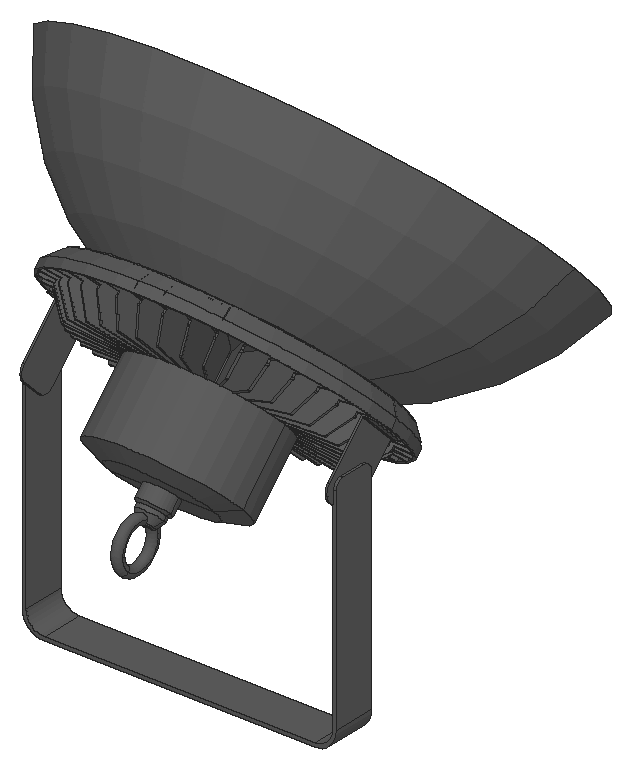
Revit family "0039350+0039353+0039357 Feilo Sylvania Lighting Fixture START HIGHBAY 6K 13KLM WIDE with BRACKET and ALU SHADE BLACK COLOR", category Lighting Fixtures, host Face, Revit 2017 (continued)
Definition of nested family "Start LED Highbay Head"
  Dimensions and locks
    "RHHeight3_FEILO": plane 31 to plane 33
    "RHHeight4_FEILO": plane 33 to plane 34
    "RHRadius3_FEILO": plane 3 "Center (Left/Right)" to plane 35
    "RHHeight1_FEILO": plane 28 to plane 30
    "EyeInner_FEILO": plane 34 to plane 36
    "EyeInner_FEILO": plane 36 to plane 37
    equal spacing: plane 38, plane 3 "Center (Left/Right)", plane 39
    "EyeThickness_FEILO": plane 38 to plane 39
    "EyeThickness_FEILO": plane 37 to plane 40
    equal spacing: plane 37, plane 41, plane 40
    equal spacing: plane 6, plane 42, plane 18
    "ThicknessBracket_FEILO": plane 45 to plane 6
    "ThicknessBracket_FEILO": plane 8 to plane 44
    locked: plane 43 to plane 18 at 1
    equal spacing: plane 24, plane 46, plane 26
    equal spacing: plane 47, plane 1 "Center (Front/Back)", plane 48
    "WidthBracket_FEILO": plane 47 to plane 48
    "WidthRingChamfer_FEILO": plane 50 to plane 49
    "ThicknessWall_FEILO": plane 51 to plane 49
    equal spacing: plane 50, plane 52, plane 51
    "ThicknessBracket_FEILO": plane 54 to plane 50
    locked: plane 53 to plane 51 at 1
    "Radius_FEILO": plane 49 to plane 3 "Center (Left/Right)"
    "ShadeRadiusOut_FEILO": plane 3 "Center (Left/Right)" to plane 55
    "ShadeHeight_FEILO": plane 56 to plane 4
    "ShadeRadiusIn_FEILO": plane 3 "Center (Left/Right)" to plane 57
    locked: plane 58 to plane 57 at 8
    "ShadeThickness_FEILO": plane 60 to plane 4
    "ShadeThickness_FEILO": plane 59 to plane 55
    "EyeThicknessHalf_FEILO": radius of curve 8
    "ThicknessBracket_FEILO": radius of Extrusion 7 sketch curve  (x2)
    "ThicknessBracketHalf_FEILO": radius of Extrusion 7 sketch curve  (x2)
    "ShadeRadiusBend_FEILO": radius of curve 9
    aligned and locked: plane 2 to Extrusion 1
    aligned and locked: level to Extrusion 1
    aligned and locked: plane 5 to curve 1
    aligned and locked: plane 6 to curve 1
    aligned and locked: plane 7 to curve 1
    aligned and locked: plane 10 to curve 2
    aligned and locked: plane 9 to curve 3
    aligned and locked: plane 4 to curve 3
    aligned and locked: plane 11 to curve 3
    aligned and locked: plane 4 to curve 4
    aligned and locked: plane 18 to curve 5
    aligned and locked: plane 10 to curve 5
    aligned and locked: Revolve 2 sketch curve to plane 3 "Center (Left/Right)"
    aligned and locked: Revolve 2 sketch curve to curve 3
    aligned and locked: Revolve 2 sketch curve to curve 1
    aligned and locked: plane 4 to Revolve 2 sketch curve
    aligned and locked: plane 9 to Revolve 2 sketch curve
    aligned and locked: Revolve 2 sketch curve to plane 13
    aligned and locked: Revolve 2 sketch curve to plane 10
    aligned and locked: plane 13 to Revolve 2 sketch curve
    aligned and locked: plane 10 to Revolve 2 sketch curve
    aligned and locked: Revolve 2 sketch curve to plane 18
    aligned and locked: Revolve 2 sketch curve to plane 8
    aligned and locked: plane 5 to Revolve 2 sketch curve  (x2)
    aligned and locked: Revolve 3 sketch curve to plane 3 "Center (Left/Right)"
    aligned and locked: plane 11 to Revolve 3 sketch curve
    aligned and locked: Revolve 3 sketch curve to curve 2
    aligned and locked: plane 15 to Revolve 3 sketch curve
    aligned and locked: Revolve 3 sketch curve to plane 16
    aligned and locked: plane 17 to Revolve 3 sketch curve  (x2)
    aligned and locked: Revolve 3 sketch curve to plane 12
    aligned and locked: plane 7 to Revolve 3 sketch curve
    aligned and locked: Revolve 4 sketch curve to plane 3 "Center (Left/Right)"
    aligned and locked: Revolve 4 sketch curve to plane 14
    aligned and locked: plane 3 "Center (Left/Right)" to Revolve 4 sketch curve
    aligned and locked: Revolve 4 sketch curve to plane 12
    aligned and locked: plane 15 to Revolve 4 sketch curve
    aligned and locked: Revolve 2 sketch curve to curve 5
    aligned and locked: plane 22 to curve 6
    aligned and locked: plane 21 to curve 6
    aligned and locked: plane 20 to curve 6
    aligned and locked: plane 19 to curve 6
    aligned and locked: plane 33 to curve 7
    aligned and locked: plane 32 to curve 7
    aligned and locked: plane 35 to curve 7
    aligned and locked: plane 34 to curve 7
    aligned and locked: Revolve 5 sketch curve to plane 3 "Center (Left/Right)"
    aligned and locked: Revolve 5 sketch curve to plane 25
    aligned and locked: plane 27 to Revolve 5 sketch curve
    aligned and locked: plane 28 to Revolve 5 sketch curve
    aligned and locked: plane 30 to Revolve 5 sketch curve
    aligned and locked: Revolve 5 sketch curve to plane 29
    aligned and locked: plane 31 to Revolve 5 sketch curve
    aligned and locked: Revolve 5 sketch curve to curve 7
    aligned and locked: Revolve 5 sketch curve to plane 32
    aligned and locked: plane 34 to Revolve 5 sketch curve
    aligned and locked: plane 3 "Center (Left/Right)" to Revolve 5 sketch curve
    aligned and locked: plane 3 "Center (Left/Right)" to curve 8
    aligned and locked: plane 41 to curve 8
    aligned and locked: Revolve 6 sketch curve to plane 36
    aligned and locked: Revolve 6 sketch curve to curve 8
    aligned and locked: plane 43 to Extrusion 7 sketch curve  (x2)
    aligned and locked: plane 8 to Extrusion 7 sketch curve  (x3)
    aligned and locked: Extrusion 7 sketch curve to plane 45
    aligned and locked: Extrusion 7 sketch curve to plane 46  (x2)
    aligned and locked: plane 6 to Extrusion 7 sketch curve
    aligned and locked: Extrusion 7 sketch curve to plane 44  (x2)
    aligned and locked: Extrusion 7 to plane 48
    aligned and locked: plane 47 to Extrusion 7
    aligned and locked: plane 53 to Extrusion 7 sketch curve
    aligned and locked: plane 50 to Extrusion 7 sketch curve
    aligned and locked: Extrusion 7 sketch curve to plane 54
    aligned and locked: Extrusion 8 sketch curve to Extrusion 8 sketch curve
    aligned and locked: Extrusion 8 to plane 6
    aligned and locked: Extrusion 8 to Extrusion 7
    aligned and locked: Revolve 5 sketch curve to plane 22
    aligned and locked: plane 23 to nested 1
    aligned and locked: plane 1 "Center (Front/Back)" to nested 1
    aligned and locked: Revolve 9 sketch curve to plane 3 "Center (Left/Right)"
    aligned and locked: Revolve 9 sketch curve to plane 4
    aligned and locked: plane 6 to Revolve 9 sketch curve
    aligned and locked: plane 4 to Revolve 9 sketch curve
    aligned and locked: plane 7 to Revolve 9 sketch curve
    aligned and locked: Revolve 9 sketch curve to plane 5
    aligned and locked: plane 8 to Revolve 9 sketch curve  (x2)
    aligned and locked: Revolve 9 sketch curve to plane 19
    aligned and locked: plane 20 to Revolve 9 sketch curve
    aligned and locked: plane 19 to Revolve 9 sketch curve
    aligned and locked: plane 21 to Revolve 9 sketch curve
    aligned and locked: plane 22 to Revolve 9 sketch curve  (x2)
    aligned and locked: Revolve 9 sketch curve to Revolve 9 sketch curve
    aligned and locked: imposter light to plane 4
    aligned and locked: plane 3 "Center (Left/Right)" to imposter light
    aligned and locked: imposter light to plane 1 "Center (Front/Back)"
    aligned and locked: plane 55 to curve 9
    aligned and locked: plane 56 to curve 9
    aligned and locked: plane 57 to curve 9
    aligned and locked: plane 4 to curve 9
    aligned and locked: Revolve 10 sketch curve to curve 9
    aligned and locked: plane 58 to Revolve 10 sketch curve
    aligned and locked: plane 57 to Revolve 10 sketch curve
    aligned and locked: plane 56 to Revolve 10 sketch curve  (x2)
    aligned and locked: Revolve 10 sketch curve to plane 58
    aligned and locked: plane 60 to Revolve 10 sketch curve
  Automatic sketch dimensions
    Extrusion 1 sketch curve to Extrusion 1 sketch curve = 2438.4 mm  (x2)
    Revolve 2 sketch curve to plane 6 = 0.299 mm
    plane 6 to Revolve 2 sketch curve = 0.459 mm
    Revolve 2 sketch curve to level = 609.6 mm
    Revolve 2 sketch curve to Revolve 2 sketch curve = 2312.223 mm
    Revolve 3 sketch curve to plane 12 = 0 mm
    Revolve 3 sketch curve to plane 3 "Center (Left/Right)" = 0 mm
    Revolve 3 sketch curve to level = 609.6 mm
    Revolve 3 sketch curve to plane 4 = 2339.058 mm
    Revolve 4 sketch curve to level = 609.6 mm
    Revolve 4 sketch curve to plane 4 = 2339.058 mm
    Revolve 6 sketch curve to plane 5 = 1080 mm
    plane 38 to Revolve 6 sketch curve = 1219.2 mm
    Extrusion 8 sketch curve to plane 47 = 0 mm
    plane 46 to Extrusion 8 sketch curve = 0 mm  (x2)
    Extrusion 8 sketch curve to plane 48 = 0 mm
    plane 47 to Extrusion 8 sketch curve = 5 mm
    plane 1 "Center (Front/Back)" to Extrusion 8 sketch curve = 10 mm
    Extrusion 8 sketch curve to Extrusion 8 sketch curve = 10 mm
    plane 46 to Extrusion 8 sketch curve = 5 mm
    Extrusion 8 sketch curve to Extrusion 8 sketch curve = 5 mm
    Extrusion 8 sketch curve to plane 48 = 5 mm
    Revolve 5 sketch curve to plane 26 = 0 mm
    Revolve 5 sketch curve to plane 35 = 0.437 mm
    plane 35 to Revolve 5 sketch curve = 0.847 mm
    Revolve 5 sketch curve to plane 34 = 0.726 mm
    plane 40 to Revolve 5 sketch curve = 590.2 mm
    Revolve 5 sketch curve to plane 4 = 2339.058 mm
    Revolve 9 sketch curve to level = 609.6 mm
    Revolve 9 sketch curve to Revolve 9 sketch curve = 2386.058 mm
    curve 2 to plane 3 "Center (Left/Right)" = 0 mm
    Revolve 10 sketch curve to Revolve 10 sketch curve = 0 mm  (x2)
    Revolve 10 sketch curve to plane 3 "Center (Left/Right)" = 0 mm
    plane 57 to Revolve 10 sketch curve = 0.659 mm
    Revolve 10 sketch curve to level = 609.6 mm
    Revolve 10 sketch curve to Revolve 10 sketch curve = 2068.248 mm
  Nested families
    nested 1: "Start Highbay Rib" at (0, 0, 67.775), type "Type Name", detail levels medium+fine
      with SuspensionHeight_FEILO 2.6 mm
    nested 2: "Start Highbay Rib" at (0, 0, 67.775) x (0.9877, 0.1564, 0) z (0, 0, 1), type "Type Name", detail levels medium+fine
      with SuspensionHeight_FEILO 2.6 mm
    nested 3: "Start Highbay Rib" at (0, 0, 67.775) x (0.9511, 0.309, 0) z (0, 0, 1), type "Type Name", detail levels medium+fine
      with SuspensionHeight_FEILO 2.6 mm
    nested 4: "Start Highbay Rib" at (0, 0, 67.775) x (0.891, 0.454, 0) z (0, 0, 1), type "Type Name", detail levels medium+fine
      with SuspensionHeight_FEILO 2.6 mm
    nested 5: "Start Highbay Rib" at (0, 0, 67.775) x (0.809, 0.5878, 0) z (0, 0, 1), type "Type Name", detail levels medium+fine
      with SuspensionHeight_FEILO 2.6 mm
    nested 6: "Start Highbay Rib" at (0, 0, 67.775) x (0.7071, 0.7071, 0) z (0, 0, 1), type "Type Name", detail levels medium+fine
      with SuspensionHeight_FEILO 2.6 mm
    nested 7: "Start Highbay Rib" at (0, 0, 67.775) x (0.5878, 0.809, 0) z (0, 0, 1), type "Type Name", detail levels medium+fine
      with SuspensionHeight_FEILO 2.6 mm
    nested 8: "Start Highbay Rib" at (0, 0, 67.775) x (0.454, 0.891, 0) z (0, 0, 1), type "Type Name", detail levels medium+fine
      with SuspensionHeight_FEILO 2.6 mm
    nested 9: "Start Highbay Rib" at (0, 0, 67.775) x (0.309, 0.9511, 0) z (0, 0, 1), type "Type Name", detail levels medium+fine
      with SuspensionHeight_FEILO 2.6 mm
    nested 10: "Start Highbay Rib" at (0, 0, 67.775) x (0.1564, 0.9877, 0) z (0, 0, 1), type "Type Name", detail levels medium+fine
      with SuspensionHeight_FEILO 2.6 mm
    nested 11: "Start Highbay Rib" at (0, 0, 67.775) x (0, 1, 0) z (0, 0, 1), type "Type Name", detail levels medium+fine
      with SuspensionHeight_FEILO 2.6 mm
    nested 12: "Start Highbay Rib" at (0, 0, 67.775) x (-0.1564, 0.9877, 0) z (0, 0, 1), type "Type Name", detail levels medium+fine
      with SuspensionHeight_FEILO 2.6 mm
    nested 13: "Start Highbay Rib" at (0, 0, 67.775) x (-0.309, 0.9511, 0) z (0, 0, 1), type "Type Name", detail levels medium+fine
      with SuspensionHeight_FEILO 2.6 mm
    nested 14: "Start Highbay Rib" at (0, 0, 67.775) x (-0.454, 0.891, 0) z (0, 0, 1), type "Type Name", detail levels medium+fine
      with SuspensionHeight_FEILO 2.6 mm
    nested 15: "Start Highbay Rib" at (0, 0, 67.775) x (-0.5878, 0.809, 0) z (0, 0, 1), type "Type Name", detail levels medium+fine
      with SuspensionHeight_FEILO 2.6 mm
    nested 16: "Start Highbay Rib" at (0, 0, 67.775) x (-0.7071, 0.7071, 0) z (0, 0, 1), type "Type Name", detail levels medium+fine
      with SuspensionHeight_FEILO 2.6 mm
    nested 17: "Start Highbay Rib" at (0, 0, 67.775) x (-0.809, 0.5878, 0) z (0, 0, 1), type "Type Name", detail levels medium+fine
      with SuspensionHeight_FEILO 2.6 mm
    nested 18: "Start Highbay Rib" at (0, 0, 67.775) x (-0.891, 0.454, 0) z (0, 0, 1), type "Type Name", detail levels medium+fine
      with SuspensionHeight_FEILO 2.6 mm
    nested 19: "Start Highbay Rib" at (0, 0, 67.775) x (-0.9511, 0.309, 0) z (0, 0, 1), type "Type Name", detail levels medium+fine
      with SuspensionHeight_FEILO 2.6 mm
    nested 20: "Start Highbay Rib" at (0, 0, 67.775) x (-0.9877, 0.1564, 0) z (0, 0, 1), type "Type Name", detail levels medium+fine
      with SuspensionHeight_FEILO 2.6 mm
    nested 21: "Start Highbay Rib" at (0, 0, 67.775) x (-1, 0, 0) z (0, 0, 1), type "Type Name", detail levels medium+fine
      with SuspensionHeight_FEILO 2.6 mm
    nested 22: "Start Highbay Rib" at (0, 0, 67.775) x (-0.9877, -0.1564, 0) z (0, 0, 1), type "Type Name", detail levels medium+fine
      with SuspensionHeight_FEILO 2.6 mm
    nested 23: "Start Highbay Rib" at (0, 0, 67.775) x (-0.9511, -0.309, 0) z (0, 0, 1), type "Type Name", detail levels medium+fine
      with SuspensionHeight_FEILO 2.6 mm
    nested 24: "Start Highbay Rib" at (0, 0, 67.775) x (-0.891, -0.454, 0) z (0, 0, 1), type "Type Name", detail levels medium+fine
      with SuspensionHeight_FEILO 2.6 mm
    nested 25: "Start Highbay Rib" at (0, 0, 67.775) x (-0.809, -0.5878, 0) z (0, 0, 1), type "Type Name", detail levels medium+fine
      with SuspensionHeight_FEILO 2.6 mm
    nested 26: "Start Highbay Rib" at (0, 0, 67.775) x (-0.7071, -0.7071, 0) z (0, 0, 1), type "Type Name", detail levels medium+fine
      with SuspensionHeight_FEILO 2.6 mm
    nested 27: "Start Highbay Rib" at (0, 0, 67.775) x (-0.5878, -0.809, 0) z (0, 0, 1), type "Type Name", detail levels medium+fine
      with SuspensionHeight_FEILO 2.6 mm
    nested 28: "Start Highbay Rib" at (0, 0, 67.775) x (-0.454, -0.891, 0) z (0, 0, 1), type "Type Name", detail levels medium+fine
      with SuspensionHeight_FEILO 2.6 mm
    nested 29: "Start Highbay Rib" at (0, 0, 67.775) x (-0.309, -0.9511, 0) z (0, 0, 1), type "Type Name", detail levels medium+fine
      with SuspensionHeight_FEILO 2.6 mm
    nested 30: "Start Highbay Rib" at (0, 0, 67.775) x (-0.1564, -0.9877, 0) z (0, 0, 1), type "Type Name", detail levels medium+fine
      with SuspensionHeight_FEILO 2.6 mm
    nested 31: "Start Highbay Rib" at (0, 0, 67.775) x (0, -1, 0) z (0, 0, 1), type "Type Name", detail levels medium+fine
      with SuspensionHeight_FEILO 2.6 mm
    nested 32: "Start Highbay Rib" at (0, 0, 67.775) x (0.1564, -0.9877, 0) z (0, 0, 1), type "Type Name", detail levels medium+fine
      with SuspensionHeight_FEILO 2.6 mm
    nested 33: "Start Highbay Rib" at (0, 0, 67.775) x (0.309, -0.9511, 0) z (0, 0, 1), type "Type Name", detail levels medium+fine
      with SuspensionHeight_FEILO 2.6 mm
    nested 34: "Start Highbay Rib" at (0, 0, 67.775) x (0.454, -0.891, 0) z (0, 0, 1), type "Type Name", detail levels medium+fine
      with SuspensionHeight_FEILO 2.6 mm
    nested 35: "Start Highbay Rib" at (0, 0, 67.775) x (0.5878, -0.809, 0) z (0, 0, 1), type "Type Name", detail levels medium+fine
      with SuspensionHeight_FEILO 2.6 mm
    nested 36: "Start Highbay Rib" at (0, 0, 67.775) x (0.7071, -0.7071, 0) z (0, 0, 1), type "Type Name", detail levels medium+fine
      with SuspensionHeight_FEILO 2.6 mm
    nested 37: "Start Highbay Rib" at (0, 0, 67.775) x (0.809, -0.5878, 0) z (0, 0, 1), type "Type Name", detail levels medium+fine
      with SuspensionHeight_FEILO 2.6 mm
    nested 38: "Start Highbay Rib" at (0, 0, 67.775) x (0.891, -0.454, 0) z (0, 0, 1), type "Type Name", detail levels medium+fine
      with SuspensionHeight_FEILO 2.6 mm
    nested 39: "Start Highbay Rib" at (0, 0, 67.775) x (0.9511, -0.309, 0) z (0, 0, 1), type "Type Name", detail levels medium+fine
      with SuspensionHeight_FEILO 2.6 mm
    nested 40: "Start Highbay Rib" at (0, 0, 67.775) x (0.9877, -0.1564, 0) z (0, 0, 1), type "Type Name", detail levels medium+fine
      with SuspensionHeight_FEILO 2.6 mm
  Definition of nested family "Start Highbay Rib"
    Parameters (values of type "Type Name")
      WidthStraight_FEILO = if(SizeS_FEILO, 3 mm, if(SizeM_FEILO, 4 mm, 4.7 mm))  # 3 mm
      WidthRingChamfer_FEILO = if(SizeS_FEILO, 10.3 mm, if(SizeM_FEILO, 11.2 mm, 12.9 mm))  # 10.3 mm
      WidthCurved_FEILO = if(SizeS_FEILO, 17.4 mm, if(SizeM_FEILO, 16.4 mm, 26.2 mm))  # 17.4 mm
      WidthCurvedRing_FEILO = if(SizeS_FEILO, 3 mm, if(SizeM_FEILO, 4 mm, 4.7 mm))  # 3 mm
      WidthBracket_FEILO = 40 mm
      URL = "http://www.feilosylvania.com"
      Type Image = (empty or 0)
      Type Comments = "n/a"
      ThicknessWall_FEILO = 1.5 mm
      ThicknessBracket_FEILO = 1.5 mm
      ThicknessBracketHalf_FEILO = ThicknessBracket_FEILO / 2  # 0.75 mm
      SuspensionHeight_FEILO [instance] = 2.6 mm
      SizeS_FEILO = yes
      SizeM_FEILO = no
      Rib4_FEILO = if(SizeS_FEILO, 18.1 mm, if(SizeM_FEILO, 13.6 mm, 14.6 mm))  # 18.1 mm
      Rib3_FEILO = if(SizeS_FEILO, 15.3 mm, if(SizeM_FEILO, 17.6 mm, 20.2 mm))  # 15.3 mm
      Rib2_FEILO = if(SizeS_FEILO, 3.6 mm, if(SizeM_FEILO, 3.9 mm, 4.5 mm))  # 3.6 mm
      Rib1_FEILO = if(SizeS_FEILO, 15.1 mm, if(SizeM_FEILO, 16.5 mm, 19 mm))  # 15.1 mm
      RadiusRib_FEILO = 2 mm
      RadiusDiffuser_FEILO = if(SizeS_FEILO, 95.2 mm, if(SizeM_FEILO, 105.3 mm, 120 mm))  # 95.2 mm
      RHRadius3_FEILO = if(SizeS_FEILO, 6.6 mm, if(SizeM_FEILO, 7.4 mm, 8.6 mm))  # 6.6 mm
      RHRadius2_FEILO = if(SizeS_FEILO, 11 mm, if(SizeM_FEILO, 12 mm, 14 mm))  # 11 mm
      RHRadius1_FEILO = if(SizeS_FEILO, 13.6 mm, if(SizeM_FEILO, 14.9 mm, 17.7 mm))  # 13.6 mm
      RHHeight4_FEILO = if(SizeS_FEILO, 7.3 mm, if(SizeM_FEILO, 8 mm, 9.2 mm))  # 7.3 mm
      RHHeight3_FEILO = if(SizeS_FEILO, 3.6 mm, if(SizeM_FEILO, 3.7 mm, 4.6 mm))  # 3.6 mm
      RHHeight2_FEILO = if(SizeS_FEILO, 2 mm, if(SizeM_FEILO, 2.2 mm, 2.6 mm))  # 2 mm
      RHHeight1_FEILO = if(SizeS_FEILO, 11.8 mm, if(SizeM_FEILO, 15.3 mm, 17.4 mm))  # 11.8 mm
      Material_3_FEILO = none
      Model = ""
      Manufacturer = "Feilo Sylvania"
      Keynote = "16500"
      HeightRing_FEILO = if(SizeS_FEILO, 19.8 mm, if(SizeM_FEILO, 32 mm, 36.8 mm))  # 19.8 mm
      HeightRingChamfer_FEILO = if(SizeS_FEILO, 11.7 mm, if(SizeM_FEILO, 23.2 mm, 26.6 mm))  # 11.7 mm
      EyeThickness_FEILO = if(SizeS_FEILO, 8.4 mm, if(SizeM_FEILO, 9.2 mm, 10.5 mm))  # 8.4 mm
      EyeThicknessHalf_FEILO = EyeThickness_FEILO / 2  # 4.2 mm
      EyeInner_FEILO = if(SizeS_FEILO, 13.8 mm, if(SizeM_FEILO, 15.1 mm, 17.3 mm))  # 13.8 mm
      DriverVerticalStraight_FEILO = if(SizeS_FEILO, 46.5 mm, if(SizeM_FEILO, 49.7 mm, 57 mm))  # 46.5 mm
      DriverVerticalChamfer_FEILO = if(SizeS_FEILO, 7.5 mm, if(SizeM_FEILO, 8.2 mm, 9.5 mm))  # 7.5 mm
      DriverRadius_FEILO = if(SizeS_FEILO, 61.4 mm, if(SizeM_FEILO, 67.2 mm, 76.4 mm))  # 61.4 mm
      DriverRadiusTop_FEILO = if(SizeS_FEILO, 42 mm, if(SizeM_FEILO, 45.3 mm, 52.4 mm))  # 42 mm
      DriverBottom_FEILO = if(SizeS_FEILO, 56 mm, if(SizeM_FEILO, 64.5 mm, 74 mm))  # 56 mm
      Material_2_FEILO = none
      Radius_FEILO = if(SizeS_FEILO, 135 mm, if(SizeM_FEILO, 148 mm, 169.5 mm))  # 135 mm
      Description = ""
      Default Elevation = 1219.2 mm
      Cost = 0
      Material_1_FEILO = none
      Assembly Code = "D5020200"
      Material_4_FEILO = none
    Reference planes
      plane 1 "Center (Front/Back)": y = 0
      plane 2: z = 0
      plane 3 "Center (Left/Right)": x = 0
      plane 4: z = 2.6
      plane 5: x = -135
      plane 6: x = -124.7
      plane 7: z = -9.1
      plane 8: z = -17.2
      plane 9: x = -121.7
      plane 10: z = -0.025
      plane 11: x = -104.3
      plane 12: x = -95.2
      plane 13: x = -118.7
      plane 14: z = 0.975
      plane 15: z = -1.025
      plane 16: x = -92.2
      plane 17: z = -2.025
      plane 18: x = -133.5
      plane 19: x = -119.9
      plane 20: z = -20.8
      plane 21: x = -104.6
      plane 22: z = -38.9
      plane 23: x = -20
      plane 24: z = -53.4
      plane 25: x = -61.4
      plane 26: z = -99.9
      plane 27: x = -42
      plane 28: z = -107.4
      plane 29: x = -13.6
      plane 30: z = -119.2
      plane 31: z = -121.2
      plane 32: x = -11
      plane 33: z = -124.8
      plane 34: z = -132.1
      plane 35: x = -6.6
      plane 36: z = -145.9
      plane 37: z = -159.7
      plane 38: x = 4.2
      plane 39: x = -4.2
      plane 40: z = -168.1
      plane 41: z = -163.9
      plane 42: x = -129.1
      plane 43: x = -132.5
      plane 44: z = -18.7
      plane 45: x = -123.2
      plane 46: z = -76.65
      plane 47: y = -20
      plane 48: y = 20
      plane 49: x = 135
      plane 50: x = 124.7
      plane 51: x = 133.5
      plane 52: x = 129.1
      plane 53: x = 132.5
      plane 54: x = 123.2
      plane 55: y = 0.75
      plane 56: y = -0.75
    Forms (mm)
      Extrusion 1, solid
        sketch origin (4.2, 0, 0) x (1, 0, 0) y (0, 1, 0)
          loop
            line (-1219.2, 1219.2) -> (-1219.2, -1219.2) -> (1219.2, -1219.2) -> (1219.2, 1219.2) -> (-1219.2, 1219.2)
        from 0 to -68.017
      Extrusion 2, solid, material <- "Material_1_FEILO"
        sketch origin (0, 0, 0) x (1, 0, 0) y (0, 0, 1)
          loop
            arc (-104.3, -0.025) -> (-111.555, 0.423) -> (-118.7, 1.76) r 58.981
            line (-118.7, 1.76) -> (-118.7, -0.025) -> (-125.012, -0.025) -> (-133.5, -9.666) -> (-133.5, -17.2) -> (-119.9, -17.2) -> (-119.9, -20.068)
            arc (-119.9, -20.068) -> (-119.778, -20.755) -> (-119.427, -21.359) r 2
            line (-119.427, -21.359) -> (-104.966, -38.467)
            arc (-104.966, -38.467) -> (-104.381, -38.789) -> (-103.723, -38.9) r 2
            line (-103.723, -38.9) -> (-20, -38.9) -> (-20, -9.1) -> (-95.2, -9.1) -> (-95.2, -2.025) -> (-104.3, -2.025) -> (-104.3, -0.025)
        from -0.75 to 0.75
    Lines and regions (mm)
      reference lines
        curve 1: line (-135, 0, -9.1) -> (-124.7, 0, 2.6)
        curve 2: line (-104.3, 0, -0.025) -> (0, 0, -0.025)
        curve 3: arc (-104.3, 0, -0.025) -> (-113.098, 0, 0.635) -> (-121.7, 0, 2.6) r 58.981
        curve 4: line (-124.7, 0, 2.6) -> (-121.7, 0, 2.6)
        curve 5: line (-125.012, 0, -0.025) -> (-133.5, 0, -9.666)
        curve 6: line (-119.9, 0, -20.8) -> (-104.6, 0, -38.9)
    Dimensions and locks
      "Radius_FEILO": plane 3 "Center (Left/Right)" to plane 5
      "WidthRingChamfer_FEILO": plane 6 to plane 5
      "WidthStraight_FEILO": plane 9 to plane 6
      "WidthCurvedRing_FEILO": plane 13 to plane 9
      locked: plane 10 to plane 15 at 1
      locked: plane 14 to plane 10 at 1
      locked: plane 4 to plane 10 at 2.625
      locked: plane 15 to plane 17 at 1
      "ThicknessWall_FEILO": plane 18 to plane 5
      "ThicknessWall_FEILO": curve 5 to curve 1
      "HeightRingChamfer_FEILO": plane 4 to plane 7
      "HeightRing_FEILO": plane 4 to plane 8
      "RadiusDiffuser_FEILO": plane 3 "Center (Left/Right)" to plane 12
      locked: plane 16 to plane 12 at 3
      "WidthCurved_FEILO": plane 11 to plane 9
      "SuspensionHeight_FEILO": plane 4 to plane 2
      "Rib1_FEILO": plane 19 to plane 5
      "Rib2_FEILO": plane 8 to plane 20
      "Rib3_FEILO": plane 21 to plane 19
      "Rib4_FEILO": plane 20 to plane 22
      locked: plane 3 "Center (Left/Right)" to plane 23 at 20
      "DriverBottom_FEILO": plane 4 to plane 24
      "DriverRadius_FEILO": plane 3 "Center (Left/Right)" to plane 25
      "DriverVerticalStraight_FEILO": plane 24 to plane 26
      "DriverRadiusTop_FEILO": plane 3 "Center (Left/Right)" to plane 27
      "DriverVerticalChamfer_FEILO": plane 26 to plane 28
      "RHRadius1_FEILO": plane 3 "Center (Left/Right)" to plane 29
      "RHHeight2_FEILO": plane 30 to plane 31
      "RHRadius2_FEILO": plane 3 "Center (Left/Right)" to plane 32
      "RHHeight3_FEILO": plane 31 to plane 33
      "RHHeight4_FEILO": plane 33 to plane 34
      "RHRadius3_FEILO": plane 3 "Center (Left/Right)" to plane 35
      "RHHeight1_FEILO": plane 28 to plane 30
      "EyeInner_FEILO": plane 34 to plane 36
      "EyeInner_FEILO": plane 36 to plane 37
      equal spacing: plane 38, plane 3 "Center (Left/Right)", plane 39
      "EyeThickness_FEILO": plane 38 to plane 39
      "EyeThickness_FEILO": plane 37 to plane 40
      equal spacing: plane 37, plane 41, plane 40
      equal spacing: plane 6, plane 42, plane 18
      "ThicknessBracket_FEILO": plane 45 to plane 6
      "ThicknessBracket_FEILO": plane 8 to plane 44
      locked: plane 43 to plane 18 at 1
      equal spacing: plane 24, plane 46, plane 26
      equal spacing: plane 47, plane 1 "Center (Front/Back)", plane 48
      "WidthBracket_FEILO": plane 47 to plane 48
      "WidthRingChamfer_FEILO": plane 50 to plane 49
      "ThicknessWall_FEILO": plane 51 to plane 49
      equal spacing: plane 50, plane 52, plane 51
      "ThicknessBracket_FEILO": plane 54 to plane 50
      locked: plane 53 to plane 51 at 1
      "Radius_FEILO": plane 49 to plane 3 "Center (Left/Right)"
      equal spacing: plane 56, plane 1 "Center (Front/Back)", plane 55
      "ThicknessWall_FEILO": plane 56 to plane 55
      "RadiusRib_FEILO": radius of Extrusion 2 sketch curve  (x2)
      aligned and locked: plane 2 to Extrusion 1
      aligned and locked: level to Extrusion 1
      aligned and locked: plane 5 to curve 1
      aligned and locked: plane 6 to curve 1
      aligned and locked: plane 7 to curve 1
      aligned and locked: plane 10 to curve 2
      aligned and locked: plane 9 to curve 3
      aligned and locked: plane 4 to curve 3
      aligned and locked: plane 11 to curve 3
      aligned and locked: plane 4 to curve 4
      aligned and locked: plane 18 to curve 5
      aligned and locked: plane 10 to curve 5
      aligned and locked: plane 22 to curve 6
      aligned and locked: plane 21 to curve 6
      aligned and locked: plane 20 to curve 6
      aligned and locked: plane 19 to curve 6
      aligned and locked: Extrusion 2 sketch curve to plane 23
      aligned and locked: Extrusion 2 sketch curve to plane 22
      aligned and locked: Extrusion 2 sketch curve to curve 6
      aligned and locked: plane 19 to Extrusion 2 sketch curve
      aligned and locked: Extrusion 2 sketch curve to plane 8
      aligned and locked: Extrusion 2 sketch curve to curve 5
      aligned and locked: Extrusion 2 sketch curve to curve 3
      aligned and locked: Extrusion 2 to plane 55
      aligned and locked: plane 56 to Extrusion 2
      aligned and locked: curve 6 to Extrusion 2 sketch curve
    Automatic sketch dimensions
      Extrusion 1 sketch curve to Extrusion 1 sketch curve = 2438.4 mm  (x2)
      curve 2 to plane 3 "Center (Left/Right)" = 0 mm
      Extrusion 2 sketch curve to plane 18 = 0 mm
      Extrusion 2 sketch curve to plane 10 = 0 mm
      Extrusion 2 sketch curve to plane 13 = 0 mm
      Extrusion 2 sketch curve to plane 7 = 0 mm
      Extrusion 2 sketch curve to plane 12 = 0 mm
      Extrusion 2 sketch curve to plane 17 = 0 mm
      plane 19 to Extrusion 2 sketch curve = 0.473 mm
      Extrusion 2 sketch curve to plane 21 = 0.366 mm
